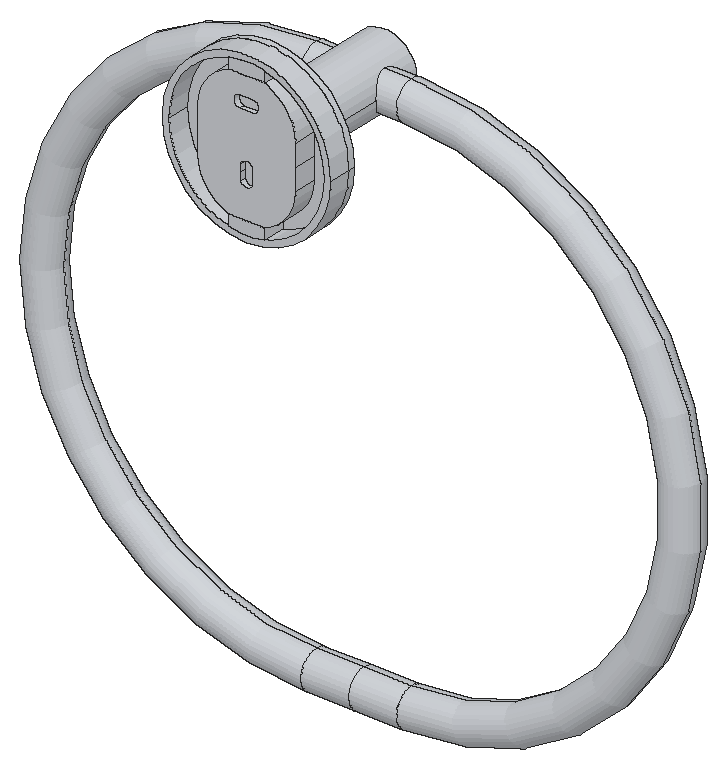
Revit family "AX4511P_0008", category Appareils sanitaires, Revit 2016
Family settings
  Hôte = Mur
  Type d'élément = Normal
  Cote de connecteur circulaire = Utiliser le diamètre
  Numéro OmniClass = 23.75.00.00
  Titre OmniClass = Climate Control (HVAC)
  Toujours verticalement = Oui
  Couper avec des vides une fois chargée = Non
  Partagée = Non
  Point de calcul de pièce = Non
Parameters (values of type "Type 1")
  URL = "https://www.axeuro.com/fr/porte-serviettes/25394-porte-serviettes-ax4511p.html?search_query=ax4511p&results=1"
  Type de produit / Type of product = "Porte-serviettes / Towel bar"  # constant formula
  Référence / Reference = "AX4511P"  # constant formula
  Model = ""
  Manufacturer = ""
  Entreprise / Company = "Axeuro"  # constant formula
  Description = ""
Reference planes
  plane 1 "Mur": y = 0
  plane 2 "Centre (gauche/droite)": x = 0
  plane 3 "Arrière": y = 75
Forms (mm)
  Extrusion 1, void
    sketch origin (0, 75, 41.425) x (1, 0, 0) y (0, 0, 1)
      loop
        line (0.015, 1688.029) -> (-2.336, 1688.029)
        arc (-2.336, 1688.029) -> (-3.884, 1686.026) -> (-2.336, 1684.023) r 2.07
        line (-2.336, 1684.023) -> (2.295, 1684.023)
        arc (2.295, 1684.023) -> (3.866, 1686.026) -> (2.295, 1688.029) r 2.062
        line (2.295, 1688.029) -> (0.015, 1688.029)
    from -1.797 to 0
  Extrusion 2, void
    sketch origin (1686.016, 75, 1706.371) x (0.00071, 0, 1) y (-1, 0, 0.00071)
      loop
        line (0.015, 1688.029) -> (-2.336, 1688.029)
        arc (-2.336, 1688.029) -> (-3.884, 1686.026) -> (-2.336, 1684.023) r 2.07
        line (-2.336, 1684.023) -> (2.295, 1684.023)
        arc (2.295, 1684.023) -> (3.866, 1686.026) -> (2.295, 1688.029) r 2.062
        line (2.295, 1688.029) -> (0.015, 1688.029)
    from -1.797 to 0
  Extrusion 3, solid
    sketch origin (0, 75, 41.425) x (1, 0, 0) y (0, 0, 1)
      loop
        circle (0, 1673.5) r 26.5
      loop
        circle (0, 1673.5) r 24.5
    from -9.099 to 0
  Extrusion 4, solid
    sketch origin (0, 76.057, 41.425) x (1, 0, 0) y (0, 0, 1)
      loop
        circle (0, 1673.5) r 26.5
    from -8.042 to -6.06
  Extrusion 5, solid
    sketch origin (61.903, 75, 58.246) x (1, 0, 0) y (0, 0, 1)
      loop
        line (-56.634, 1677.179) -> (-62.1, 1677.179) -> (-67.173, 1677.179)
        arc (-67.173, 1677.179) -> (-74.461, 1671.999) -> (-77.254, 1663.505) r 14.314
        line (-77.254, 1663.505) -> (-77.254, 1656.679) -> (-77.254, 1649.852)
        arc (-77.254, 1649.852) -> (-74.461, 1641.358) -> (-67.173, 1636.179) r 14.314
        line (-67.173, 1636.179) -> (-62.1, 1636.179) -> (-56.634, 1636.179)
        arc (-56.634, 1636.179) -> (-49.346, 1641.358) -> (-46.553, 1649.852) r 14.314
        line (-46.553, 1649.852) -> (-46.553, 1656.679) -> (-46.553, 1663.505)
        arc (-46.553, 1663.505) -> (-49.346, 1671.999) -> (-56.634, 1677.179) r 14.314
    from -7.118 to 0
  Extrusion 6, solid
    sketch origin (2.627, 75, 40.531) x (1, 0, 0) y (0, 0, 1)
      loop
        line (2.973, 1694.893) -> (2.973, 1698.245)
        arc (2.973, 1698.245) -> (-2.627, 1698.893) -> (-8.227, 1698.245) r 24.5
        line (-8.227, 1698.245) -> (-8.227, 1694.893) -> (2.973, 1694.893)
    from -7.118 to 0
  Extrusion 7, solid
    sketch origin (2.627, 75, 3389.318) x (1, 0, 0) y (0, 0, 1)
      loop
        line (2.973, -1694.893) -> (-8.227, -1694.893) -> (-8.227, -1698.245)
        arc (-8.227, -1698.245) -> (-2.627, -1698.893) -> (2.973, -1698.245) r 24.5
        line (2.973, -1698.245) -> (2.973, -1694.893)
    from -7.118 to 0
  Extrusion 8, solid
    sketch origin (0, 0, 41.425) x (1, 0, 0) y (0, 1, 0)
      loop
        circle (0, 79.55) r 2.25
    from 1646.852 to 1648
  Extrusion 9, void
    sketch origin (0, 0, 41.425) x (1, 0, 0) y (0, 1, 0)
      loop
        line (0.759, 80.865) -> (-0.759, 80.865) -> (-1.519, 79.55) -> (-0.759, 78.234) -> (0.759, 78.234) -> (1.519, 79.55) -> (0.759, 80.865)
    from 1646.852 to 1648
  Extrusion 10, solid
    sketch origin (0, 75, 0) x (1, 0, 0) y (0, 0, 1)
      loop
        circle (0, 1714.925) r 10
    from -54.099 to -9.099
  Sweep 11, solid
    path origin (360.248, 119.082, 17.079) x (1, 0, 0) y (0, 0, 1)
      loop
        line (-343.606, 1698.05) -> (-373.606, 1698.05)
        arc (-373.606, 1698.05) -> (-459.108, 1612.549) -> (-373.606, 1527.047) r 85.502
        line (-373.606, 1527.047) -> (-358.606, 1527.047) -> (-343.606, 1527.047)
        arc (-343.606, 1527.047) -> (-258.104, 1612.549) -> (-343.606, 1698.05) r 85.502
    profile origin (102.144, 119.082, 1629.627) x (0, -1, 0) y (1, 0, 0)
      loop
        circle (0, 0) r 6
Cuts and joins
  joined: Extrusion 3, Extrusion 4
  Extrusion 1, Extrusion 2 cuts Extrusion 5
  Extrusion 9 cuts Extrusion 8
Text (mm)
  text "Côté de la mise en place" at (-1820.995, 1116.779, 0), in view "Niveau de réf."
  text "Côté de la mise en place" at (0, 1334.055, 2976.191), in view "Gauche"
  text "Côté de la mise en place" at (0, 439.194, 2944.362), in view "Droite"
Dimensions and locks
  locked: plane 3 "Arrière" to host wall
  aligned and locked: plane 1 "Mur" to host wall
